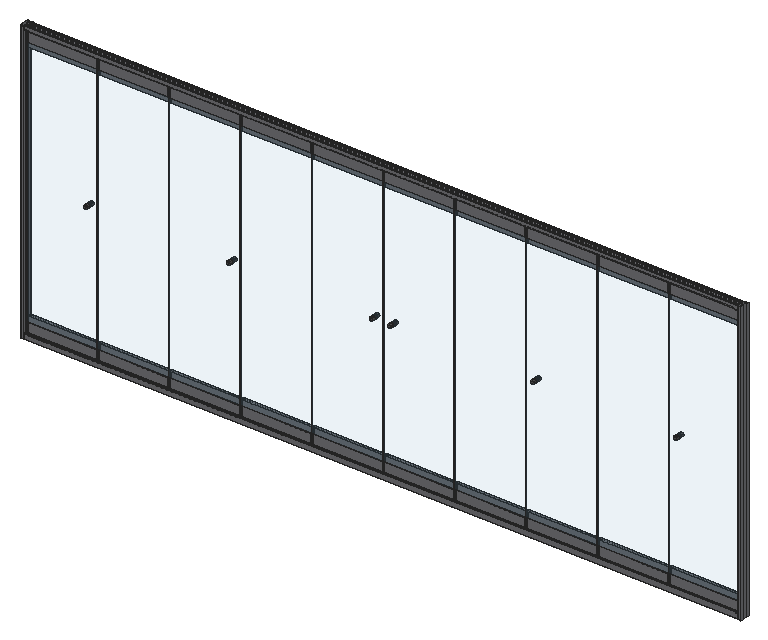
Revit family "QFL10 2380", category Doors, host Wall, Revit 2024 (continued)
Automatic sketch dimensions
  host wall to curve 59 = 456.111 mm
  curve 49 to curve 59 = 38.105 mm
  curve 60 to host wall = 37.5 mm
  curve 56 to host wall = 37.5 mm
  curve 54 to curve 56 = 38.105 mm
  host wall to curve 54 = 456.111 mm
  plane 2 "Center (Left/Right)" to curve 75 = 1482.441 mm
  host wall to curve 74 = 456.111 mm
  curve 73 to curve 74 = 38.105 mm
  curve 73 to host wall = 37.5 mm
  curve 75 to curve 73 = 272.285 mm
  curve 80 to host wall = 37.5 mm
  curve 74 to curve 80 = 38.105 mm
  host wall to curve 78 = 456.111 mm
  host wall to curve 70 = 456.111 mm
  curve 69 to curve 70 = 38.105 mm
  curve 72 to host wall = 37.5 mm
  curve 63 to host wall = 37.5 mm
  curve 68 to curve 63 = 38.105 mm
  plane 4 "Right" to curve 66 = 373.105 mm
  curve 66 to curve 61 = 38.105 mm
  plane 4 "Right" to curve 62 = 62.715 mm
  curve 62 to host wall = 37.5 mm
